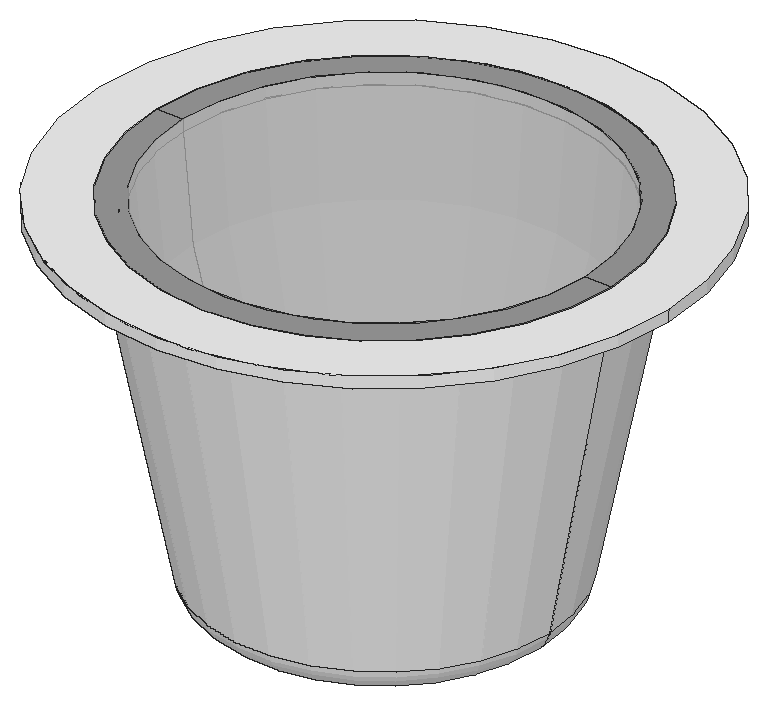
Revit family "2060520 Sylvania Lighting Fixture ASCENT100 II ARCH 1200 3K STD 120", category Lighting Fixtures, host Face, Revit 2016
Family settings
  Host = Face
  Part Type = Normal
  Round Connector Dimension = Use Diameter
  OmniClass Number = 23.80.70.11.17
  OmniClass Title = Specialized Lighting by Location or Use
  Cut with Voids When Loaded = No
  Light Source = Yes
  Shared = No
  Room Calculation Point = No
Parameters (values of type "2060520 ASCT100 II ARCH 1200 3K STD 120")
  Weight = "0.715 kg"
  WarrantyStartDate [instance] = "n/a"
  WarrantyGuarantorParts = "n/a"
  WarrantyDurationUnit = "n/a"
  WarrantyDurationParts = "n/a"
  WarrantyDescription = "n/a"
  Voltage = 0 V
  TypeName = "ASCENT100 II ARCH 1200 3K STD 120"
  SerialNumber [instance] = "n/a"
  ReflectorRadius_SYL = Radius_SYL - 15.0 mm  # 60.0 mm
  PowerFactor = 0
  PowerConsumption = "10 W"
  NominalWidth = 0.0 mm
  NominalLength = 0.0 mm
  NominalHeight = 94.0 mm
  Name = "ASCENT100 II ARCH 1200 3K STD 120"
  ModelReference = "ASCENT100 II ARCH 1200 3K STD 120"
  ModelNumber = "2060520"
  Material_4_SYL = Aluminium_Sylvania_Ascent_Silver
  Radius_SYL = 75.0 mm
  Wattage = 10 W
  built-in parameter 1150110 = 1 (stored number, unit not read)
  URL = "http://www.sylvania-lighting.com"
  built-in parameter 1114217 = 1 (stored number, unit not read)
  Tilt Angle = -90°
  built-in parameter 1150109 = 1 (stored number, unit not read)
  built-in parameter 1150134 = (empty or 0)
  built-in parameter 1150113 = 1 (stored number, unit not read)
  Photometric Web File = "2060520.ies"
  Material = "aluminium housing, acrylic diffuser"
  ManufacturerName = "Feilo Sylvania"
  LuminousEfficacy = "116 lm/W"
  LuminaireType = ""
  LightOutputRatio = "100"
  LampsType = Lamp  # "LED"
  LampNominalLuminous = "1160 lm"
  LampMacAdamStep = "n/a"
  LampColourTemperature = "3000 K"
  LampColourRenderingIndex = "80"
  Keynote = "16500"
  InstallationDate [instance] = "n/a"
  InputVoltage = "n/a"
  InputNominalFrequency = "n/a"
  IngressProtection = "IP40"
  ImpactProtectionIndex = "IK02"
  IfcExportType = "IfcLightFixtureType"
  IfcExportAs = "IfcLightFixtureType"
  Height_SYL = 94.0 mm
  ExpectedLife = 50000
  Emit from Circle Diameter = 2 * DiffuserRadius_SYL  # 106.0 mm
  Emit Shape Visible in Rendering = no
  ElectricShockClassification = "Class II"
  DurationUnit = "hours"
  DocumentationLiterature = "http://www.sylvania-lighting.com/product/en-int/products/2060520"
  DimmingControlOptions = "n/a"
  DiffuserRadius_SYL = ReflectorRadius_SYL - 7.0 mm  # 53.0 mm
  Material_3_SYL = Polycarbonate_Sylvania_Ascent_Clear
  Diameter_SYL = 2 * Radius_SYL  # 150.0 mm
  CutoutDiameter_SYL = Diameter_SYL - 13.0 mm  # 137.0 mm
  CreatedOn = "9/17/2018"
  CreatedBy = "@sylvania-lighting.com"
  built-in parameter 1114216 [instance] = 1 (stored number, unit not read)
  Model = "ASCENT100 II ARCH 1200 3K STD 120"
  Manufacturer = "Feilo Sylvania"
  built-in parameter 1150105 = 92.31 (stored number, unit not read)
  Lumens = 1160 lm
  built-in parameter 1150115 = 1 (stored number, unit not read)
  built-in parameter 1150137 = (empty or 0)
  built-in parameter 1150139 = (empty or 0)
  built-in parameter 1150112 = 1 (stored number, unit not read)
  built-in parameter 1150114 = 1 (stored number, unit not read)
  Lamp = "LED"
  built-in parameter 1150132 = 2
  built-in parameter 1150102 = (empty or 0)
  built-in parameter 1150107 = 3000 (stored number, unit not read)
  built-in parameter 1150138 = (empty or 0)
  built-in parameter 1150106 = 0.9231 (stored number, unit not read)
  Material_1_SYL = Aluminum_Sylvania_Ascent_White
  built-in parameter 1150104 = 10.777 (stored number, unit not read)
  Dimming Lamp Color Temperature Shift = <None>
  Description = "Direct LED retro fit for original LED 100 Arch (120) single CFL lamp offering Matching lumen levels and improved light distribution of original LED 100 CFL lamp equivalents Typically half the power consumption compared to CFL Up to 104lm/W 120mm aperture Architectural reflector accepts range of glass accessories from existing LED 100 Arch 120 offering HE, HO and VHO versions equivalent of single 1 x 13W, 1 x 18W, 1 x 26W Additional VVHO versions which offer the performance circa 2 x 26W equivalent"  # constant formula
  Default Elevation = 0.0 mm
  Color Filter = 16777215
  built-in parameter 1140040 [instance] = 1
  BarCode [instance] = "n/a"
  built-in parameter 1114218 = 1 (stored number, unit not read)
  built-in parameter 1150133 = 10 (stored number, unit not read)
  AssetType = "Fixed"
  AssetIdentifier [instance] = "n/a"
  Assembly Code = "D5020200"
  Apparent Load = 10 VA
  Aperture_SYL = 2 * ReflectorRadius_SYL  # 120.0 mm
  Material_2_SYL = Aluminum_Sylvania_Ascent_White
Reference planes
  plane 1 "Center (Front/Back)": y = 0
  plane 2: z = 0
  plane 3 "Center (Left/Right)": x = 0
  plane 4 "Fixture Bottom": z = 3
  plane 5: z = -52.5
  plane 6 "Fixture Top": z = -91
Forms (mm)
  Extrusion 1, solid, material "Aluminum_Sylvania_Ascent_White" <- "Material_2_SYL", detail levels fine
    sketch origin (0, 0, 0) x (1, 0, 0) y (0, 1, 0)
      loop
        circle (0, 0) r 75
      loop
        circle (0, 0) r 60
    from 0 to 3
  Extrusion 2, void
    sketch origin (0, 0, 0) x (1, 0, 0) y (0, 1, 0)
      loop
        circle (0, 0) r 68.5
    from -91 to 3
  Revolve 3, solid, material "Aluminum_Sylvania_Ascent_White" <- "Material_1_SYL", detail levels fine
    sketch origin (0, 0, 0) x (1, 0, 0) y (0, 0, 1)
      loop
        line (0, -91.073) -> (0, -89.023) -> (-35.468, -89.014)
        arc (-35.468, -89.014) -> (-39.352, -87.613) -> (-41.54, -84.139) r 6.307
        line (-41.54, -84.139) -> (-57.991, -2.844) -> (-57.991, 0) -> (-60, 0) -> (-60, -3) -> (-43.5, -84.536)
        arc (-43.5, -84.536) -> (-40.643, -89.203) -> (-35.5, -91.073) r 8.291
        line (-35.5, -91.073) -> (0, -91.073)
      axis (0, 0) -> (0, -91.073)
    angle from 0 to 360
  Revolve 4, solid, material "Aluminium_Sylvania_Ascent_Silver" <- "Material_4_SYL", detail levels fine
    sketch origin (0, 0, 0) x (1, 0, 0) y (0, 0, 1)
      loop
        line (-60, 3) -> (-60, 0) -> (-55, 0)
        arc (-55, 0) -> (-52.349, -26.77) -> (-44.5, -52.5) r 136.5
        line (-44.5, -52.5) -> (-38, -52.5)
        arc (-38, -52.5) -> (-36.857, -61.521) -> (-33.5, -69.971) r 36.166
        line (-33.5, -69.971) -> (0, -69.971) -> (0, -50.5) -> (-43.16, -50.5)
        arc (-43.16, -50.5) -> (-50.517, -25.725) -> (-53, 0) r 134.5
        line (-53, 0) -> (-53, 3) -> (-60, 3)
      axis (0, 3) -> (0, -69.971)
    angle from 0 to 360
  Extrusion 5, solid, material "Polycarbonate_Sylvania_Ascent_Clear" <- "Material_3_SYL", detail levels fine
    sketch origin (0, 0, 0) x (1, 0, 0) y (0, 1, 0)
      loop
        circle (0, 0) r 53
    from 0 to 3
  Revolve 6, solid, material "Aluminum_Sylvania_Ascent_White" <- "Material_2_SYL", detail levels coarse+medium
    sketch origin (0, 0, 0) x (1, 0, 0) y (0, 0, 1)
      loop
        line (0, -91.073) -> (0, 3) -> (-75, 3) -> (-75, 0) -> (-60, 0) -> (-60, -3) -> (-43.5, -84.536)
        arc (-43.5, -84.536) -> (-40.643, -89.203) -> (-35.5, -91.073) r 8.291
        line (-35.5, -91.073) -> (0, -91.073)
      axis (0, 3) -> (0, -91.073)
    angle from 0 to 360
Dimensions and locks
  locked: plane 4 "Fixture Bottom" to plane 2 at 3
  "Height_SYL": plane 4 "Fixture Bottom" to plane 6 "Fixture Top"
  "ReflectorRadius_SYL": plane 3 "Center (Left/Right)" to Revolve 4 sketch curve
  locked: Revolve 4 sketch curve to Revolve 4 sketch curve at 15.5
  locked: Revolve 4 sketch curve to Revolve 4 sketch curve at 5
  locked: Revolve 4 sketch curve to Revolve 4 sketch curve at 7
  locked: Revolve 4 sketch curve to Revolve 4 sketch curve at 22
  locked: Revolve 4 sketch curve to Revolve 4 sketch curve at 26.5
  locked: Revolve 3 sketch curve to Revolve 3 sketch curve at 16.5
  locked: Revolve 3 sketch curve to Revolve 3 sketch curve at 24.5
  "ReflectorRadius_SYL": Revolve 3 sketch curve to plane 3 "Center (Left/Right)"
  locked: Revolve 3 sketch curve to plane 6 "Fixture Top" at 6.464
  locked: plane 2 to Revolve 3 sketch curve at 3
  locked: Revolve 3 sketch curve to Revolve 3 sketch curve at 2
  locked: Revolve 3 sketch curve to Revolve 3 sketch curve at 2.009
  locked: plane 2 to plane 5 at 52.5
  locked: Revolve 6 sketch curve to Revolve 6 sketch curve at 31.5
  locked: Revolve 6 sketch curve to Revolve 6 sketch curve at 39.5
  locked: Revolve 6 sketch curve to Revolve 6 sketch curve at 15
  "Radius_SYL": plane 3 "Center (Left/Right)" to Revolve 6 sketch curve
  "CutoutDiameter_SYL": diameter of Extrusion 2 sketch curve
  "ReflectorRadius_SYL": radius of Extrusion 1 sketch curve
  "DiffuserRadius_SYL": radius of Extrusion 5 sketch curve
  "Radius_SYL": radius of Extrusion 1 sketch curve
  aligned and locked: host face to plane 2
  aligned and locked: host face to level
  aligned and locked: plane 1 "Center (Front/Back)" to imposter light
  aligned and locked: plane 3 "Center (Left/Right)" to imposter light
  aligned and locked: plane 4 "Fixture Bottom" to Extrusion 1
  aligned and locked: Extrusion 1 to plane 2
  aligned and locked: Revolve 3 sketch curve to plane 3 "Center (Left/Right)"
  aligned and locked: Revolve 4 sketch curve to plane 3 "Center (Left/Right)"  (x2)
  aligned and locked: plane 4 "Fixture Bottom" to Revolve 4 sketch curve
  aligned and locked: Revolve 3 sketch curve to imposter light
  aligned and locked: Extrusion 5 to plane 2
  aligned and locked: imposter light to Extrusion 5
  aligned and locked: plane 2 to Revolve 3 sketch curve  (x2)
  aligned and locked: Revolve 6 sketch curve to imposter light
  aligned and locked: Revolve 6 sketch curve to plane 3 "Center (Left/Right)"
  aligned and locked: plane 6 "Fixture Top" to Extrusion 2
  aligned and locked: imposter light to Extrusion 2
  aligned and locked: imposter light to plane 4 "Fixture Bottom"
Automatic sketch dimensions
  plane 1 "Center (Front/Back)" to Extrusion 2 sketch curve = 0.0 mm
  Extrusion 2 sketch curve to plane 3 "Center (Left/Right)" = 0.0 mm
  Extrusion 1 sketch curve to Extrusion 1 sketch curve = 0.0 mm  (x2)
  plane 1 "Center (Front/Back)" to Extrusion 1 sketch curve = 0.0 mm
  Extrusion 1 sketch curve to plane 3 "Center (Left/Right)" = 0.0 mm
  plane 6 "Fixture Top" to Revolve 3 sketch curve = 0.073 mm
  Revolve 3 sketch curve to plane 6 "Fixture Top" = 6.861 mm
  Revolve 3 sketch curve to Revolve 3 sketch curve = 0.003 mm
  Revolve 3 sketch curve to Revolve 3 sketch curve = 0.009 mm  (x2)
  Revolve 3 sketch curve to Revolve 3 sketch curve = 0.023 mm
  Revolve 3 sketch curve to Revolve 3 sketch curve = 0.072 mm
  Revolve 3 sketch curve to Revolve 3 sketch curve = 0.008 mm
  Revolve 3 sketch curve to plane 6 "Fixture Top" = 1.977 mm
  Revolve 3 sketch curve to Revolve 3 sketch curve = 33.496 mm
  Revolve 3 sketch curve to Revolve 3 sketch curve = 0.028 mm
  plane 4 "Fixture Bottom" to Revolve 3 sketch curve = 82.431 mm
  Revolve 4 sketch curve to Revolve 4 sketch curve = 0.0 mm  (x2)
  Revolve 4 sketch curve to plane 5 = 0.0 mm
  Revolve 4 sketch curve to level = 0.0 mm
  plane 5 to Revolve 4 sketch curve = 2.0 mm
  plane 4 "Fixture Bottom" to Revolve 4 sketch curve = 9.642 mm
  plane 1 "Center (Front/Back)" to Extrusion 5 sketch curve = 0.0 mm
  Extrusion 5 sketch curve to plane 3 "Center (Left/Right)" = 0.0 mm
  Revolve 4 sketch curve to level = 69.971 mm
  Revolve 4 sketch curve to Revolve 4 sketch curve = 2.387 mm
  Revolve 6 sketch curve to level = 0.0 mm
  Revolve 6 sketch curve to plane 3 "Center (Left/Right)" = 0.0 mm
  Revolve 6 sketch curve to Revolve 6 sketch curve = 8.104 mm
  Revolve 6 sketch curve to level = 3.0 mm
  Revolve 6 sketch curve to plane 6 "Fixture Top" = 6.464 mm
  plane 6 "Fixture Top" to Revolve 6 sketch curve = 0.073 mm
  Revolve 6 sketch curve to Revolve 6 sketch curve = 33.496 mm
  plane 4 "Fixture Bottom" to Revolve 6 sketch curve = 82.431 mm
  host sketch curve to host sketch curve = 1368.192 mm
  host sketch curve to host sketch curve = 1600.367 mm
Connectors
  electrical at (0, 0, -91.073), driven by "Apparent Load"
    settings: on Revolve 3, index 1, voltage 240 V, apparent load 0 VA, apparent load phase1 10 VA, apparent load phase2 0 VA, apparent load phase3 0 VA, power factor 1, load classification "Lighting", number of poles 1, system type 31, power factor state 1, is connector primary yes, connector utility no, sub classification motor no, connector description ""
